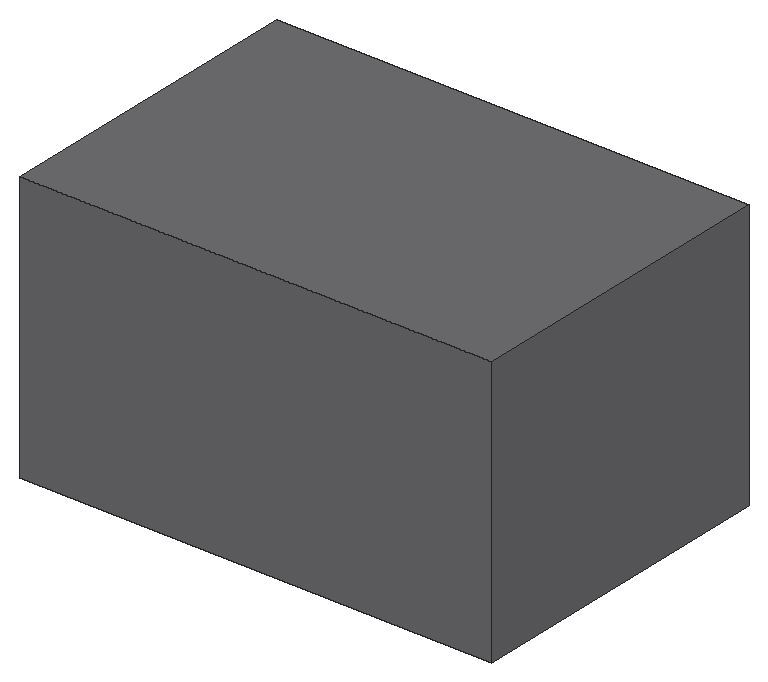
Revit family "BD_Joint Pack 800A", category Electrical Equipment, Revit 2025
Family settings
  Panel Configuration = Two Columns, Circuits Across
  Round Connector Dimension = Use Diameter
  Part Type = Panelboard
  OmniClass Number = 23.80.30.11.17
  OmniClass Title = Distribution Boards and Control Panels
  Work Plane-Based = No
  Always vertical = Yes
  Cut with Voids When Loaded = No
  Maintain Annotation Orientation = No
  Shared = No
  Room Calculation Point = No
Parameters (values of type "800A")
  built-in parameter 1140142 [instance] = -1
  built-in parameter 1140140 [instance] = 1 (stored number, unit not read)
  built-in parameter 1155100 [instance] = -1
  Default Elevation = 0 mm
Reference planes
  plane 1 "Center (Front/Back)": y = 0
  plane 2: z = 0
  plane 3 "Center (Left/Right)": x = 0
Forms (mm)
  Extrusion 1, solid, material "Busduct Joint - Dark Grey"
    sketch origin (0, 0, -80) x (1, 0, 0) y (0, 1, 0)
      loop
        line (-140, -95) -> (140, -95) -> (140, 95) -> (-140, 95) -> (-140, -95)
    from 0 to 160
Dimensions and locks
  aligned and locked: level to plane 2
